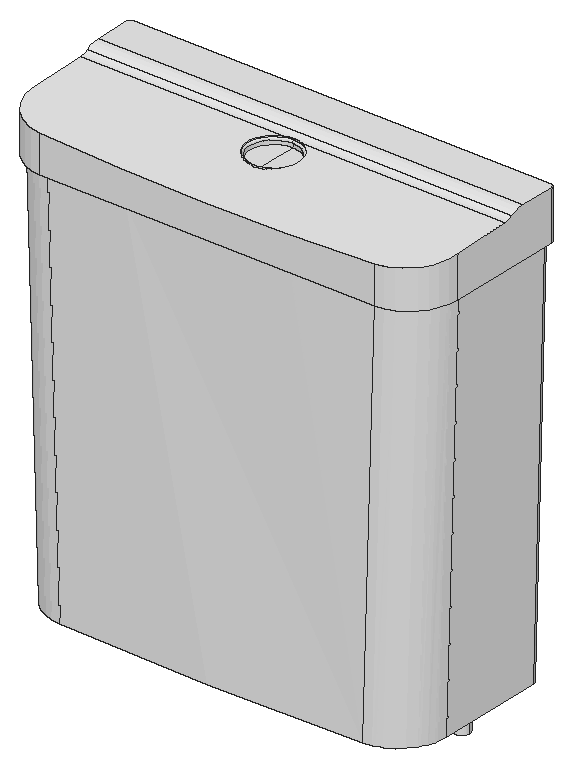
Revit family "PlumbingFixture_GroheLimited_BauCeramicExposedFlushingCistern_39436000_METRICa", category Plumbing Fixtures, Revit 2015
Parameters (values of type "39436000")
  _DistributedBy = "www.bimstore.co.uk"
  _CurrentRevision = 1
  _CreatedBy = "www.bimstore.co.uk"
  _BimSpecGuid = 0
  _BSBibleVersion = 14
  _AuthorizedBy = "Kris Atkinson"
  _Author = "Ian Holmes"
  Waste Connection = yes
  WarrantyStartDate [instance] = "Please Record On Commissioning."
  WarrantyGuarantorParts = "info-uk@grohe.com"
  WarrantyGuarantorLabor = "info-uk@grohe.com"
  WarrantyDurationUnit = "Years"
  WarrantyDurationParts = "n/a"
  WarrantyDurationLabor = "n/a"
  WarrantyDescription = "n/a"
  WFU = 0
  Vent Connection = no
  URL = "www.grohe.com"
  TypeName = "Bau Ceramic Exposed Flushing Cistern"
  Type Comments = "39436000"
  SpareParts = "n/a"
  Size = "n/a"
  Shape = "n/a"
  SerialNumber [instance] = "Please Record On Commissioning."
  ReplacementCost = "n/a"
  ReferencedStandard = "n/a"
  ProductionYear = "2017"
  ProductPageURL = "https://www.grohe.co.uk/en_gb/exposed-flushing-cistern-39436000.html"
  ProductDocumentationLink = "https://cdn.cloud.grohe.com/dimdraw/2000/2000/2090/2093/2093825/1500/2093825.jpg"
  PrimaryMaterial = Ceramic, White
  PercentageOfRecycledContent = "n/a"
  OffsetFromLevel [instance] = 772 mm
  NominalLength = 0 mm
  NominalHeight = 0 mm
  NominalDepth = 0 mm
  NBSReference = "45-35-70/383"
  NBSOfficeMasterTag = "n/a"
  NBSObjectName = "Grohe Limited -  WC cisterns"
  NBSNote = ""
  NBSDescription = "WC cisterns"
  ModelReference = "Bau Ceramic Exposed Flushing Cistern"
  ModelNumber = "39436000"
  Model = "Bau Ceramic Exposed Flushing Cistern"
  Material = "Ceramic"
  MasterformatTitle = "Sanitary Facilities"
  MasterformatNumber = "01 52 19"
  ManufacturerName = "Grohe Limited"
  Manufacturer = "Grohe Limited"
  LowEmittingMaterial = no
  LEEDCredit = "n/a"
  Keynote = "N13"
  InstallationDate [instance] = "Please Record On Commissioning."
  IndustryStandards = "n/a"
  IfcExportType = "IfcPipeFittingType"
  IfcExportAs = "IfcPipeFitting"
  HotWaterConnectionDiameter = 10 mm
  HWFU = 4.5
  HW Connection = no
  Grade = "n/a"
  Finish = "Ceramic"
  Features = "bottom inlet. inlet and outlet concealed. vitreous China. including flushing set."
  ExpectedLife = 0
  Ecojoy = no
  DurationUnit = "Years"
  DocumentationTechnical = "n/a"
  DocumentationMaintenance = "n/a"
  DocumentationLiterature = "n/a"
  DocumentationInstallationGuide = "n/a"
  DocumentationCertificates = "n/a"
  Description = "bottom inlet. inlet and outlet concealed. vitreous China. including flushing set."
  CreatedOn = "2017-07-01T09:00:00"
  CreatedBy = "info-uk@grohe.com"
  Cost = 0
  Constituents = "n/a"
  Color = "White"
  ColdWaterConnectionDiameter = 10 mm
  CodePerformance = "n/a"
  ClassificationValue = "Pr_40_20_93_89"
  ClassificationName = "Uniclass2015"
  CWFU = 4.5
  CW Connection = no
  BarCode [instance] = "Please Record On Commissioning."
  BIMObjectName = "PlumbingFixture_GroheLimited_BauCeramicExposedFlushingCistern_39436000_METRIC"
  AssetType = "Fixed"
  AssetIdentifier [instance] = "Please Record On Commissioning."
  Assembly Code = "D2010"
  AccessibilityPerformance = "n/a"
  ADACompliant = no
Reference planes
  plane 1 "Center (Front/Back)": y = 0
  plane 2: z = 0
  plane 3 "Center (Left/Right)": x = 0
  plane 4 "OffsetFromLevel": z = 772
Dimensions and locks
  "OffsetFromLevel": plane 4 "OffsetFromLevel" to level
  aligned and locked: level to plane 2
  aligned and locked: plane 1 "Center (Front/Back)" to nested 1
  aligned and locked: plane 3 "Center (Left/Right)" to nested 1
  aligned and locked: plane 4 "OffsetFromLevel" to nested 1
Nested families
  nested 1: "39436000" at (0, 0, 397.001), type "39436000"
Connectors
  piping at (128.222, -36.581, 362.001), diameter 12.7
    settings: on nested 1, index 1, connector inside diameter 609.6 mm, connector length 0 mm, flow factor 0, pipe flow 0.0 L/s, pressure drop 0.0 Pa, fitting loss kfactor 0, connector angle 0.00°, fixture units 0, engagement length 0 mm, angle of deflection 0.00°, flow configuration 0, flow direction 1, fitting loss method 0, system type 7, joint type 0, gender type 0, connector reference index -1, connector utility 0, adjustable connector no, is connector primary yes, connector description ""
Definition of nested family "39436000"
  Parameters (values of type "39436000")
    Waste Connection = yes
    WFU = 0
    Vent Connection = no
    URL = "www.grohe.com"
    Type Comments = "39436000"
    PrimaryMaterial = none
    Model = "Bau Ceramic Exposed Flushing Cistern"
    Manufacturer = "Grohe Limited"
    Keynote = "N13"
    HWFU = 4.5
    HW Connection = no
    Description = "bottom inlet. inlet and outlet concealed. vitreous China. including flushing set."
    Cost = 0
    CWFU = 4.5
    CW Connection = no
    Assembly Code = "D2010"
  Reference planes
    plane 1 "Center (Front/Back)": y = 0
    plane 2: z = 0
    plane 3 "Center (Left/Right)": x = 0
    plane 4: z = 166.95
    plane 5: x = 128.222
    plane 6: y = -73.181
    plane 7: y = -36.581
  Forms (mm)
    Extrusion 1, solid, material <- "PrimaryMaterial"
      sketch origin (0, 0, 0) x (0, 1, 0) y (0, 0, 1)
        loop
          arc (-53.149, 369.862) -> (-107.643, 368.134) -> (-161.942, 363.213) r 929.225
          line (-161.942, 363.213) -> (-161.942, 333.856) -> (9.375, 333.856) -> (9.375, 372.008)
          arc (9.375, 372.008) -> (8.499, 374.123) -> (6.385, 374.999) r 2.99
          line (6.385, 374.999) -> (-34.554, 374.999)
          arc (-34.554, 374.999) -> (-40.453, 374.2) -> (-45.927, 371.863) r 22.19
          arc (-45.927, 371.863) -> (-49.403, 370.376) -> (-53.149, 369.862) r 14.159
      from -190.557 to 196.729
    Extrusion 2, void
      sketch origin (0, 0, 0) x (1, 0, 0) y (0, 1, 0)
        loop
          arc (-174.568, -1.503) -> (-176.657, -2.399) -> (-177.518, -4.502) r 3
          line (-177.518, -4.502) -> (-177.518, -102.773)
          arc (-177.518, -102.773) -> (-166.69, -130.14) -> (-140.068, -142.691) r 40
          arc (-140.068, -142.691) -> (0.007, -147.151) -> (140.081, -142.646) r 2191.134
          arc (140.081, -142.646) -> (166.694, -130.091) -> (177.518, -102.728) r 40
          line (177.518, -102.728) -> (177.518, -4.339)
          arc (177.518, -4.339) -> (176.656, -2.235) -> (174.565, -1.34) r 3
          arc (174.565, -1.34) -> (-0.002, -0.001) -> (-174.568, -1.503) r 10729.368
        loop
          line (-223.977, 21.1) -> (-223.977, -173.9) -> (226.023, -173.9) -> (226.023, 21.1) -> (-223.977, 21.1)
      from 306.844 to 428.295
    Revolve 3, void
      sketch origin (0, 0, 0) x (0, 1, 0) y (0, 0, 1)
        loop
          line (-93.181, 367.181) -> (-93.181, 364.007) -> (-73.181, 364.007) -> (-73.181, 373.411) -> (-94.852, 373.411) -> (-94.852, 368.853)
          arc (-94.852, 368.853) -> (-93.671, 368.363) -> (-93.181, 367.181) r 1.671
        axis (-73.181, 373.411) -> (-73.181, 364.007)
      angle from 0 to 360
    SweptBlend 4, solid, material <- "PrimaryMaterial"
      path origin (0, 0, 333.9) x (1, 0, 0) y (0, 0, 1)
        loop
          line (0, 0) -> (0, -333.856)
      profile origin (0, 0, 333.9) x (0, -1, 0) y (1, 0, 0)
        loop
          arc (98.477, -175.027) -> (126.058, -163.997) -> (138.429, -136.99) r 40
          arc (138.429, -136.99) -> (141.793, 0) -> (138.429, 136.99) r 2791.014
          arc (138.429, 136.99) -> (126.058, 163.997) -> (98.477, 175.027) r 40
          line (98.477, 175.027) -> (8.19, 175.027)
          arc (8.19, 175.027) -> (6.086, 174.166) -> (5.19, 172.076) r 3
          arc (5.19, 172.076) -> (3.75, 0.002) -> (5.071, -172.074) r 10729.368
          arc (5.071, -172.074) -> (5.966, -174.165) -> (8.07, -175.027) r 3
          line (8.07, -175.027) -> (98.477, -175.027)
      end profile origin (0, 0, 0.044) x (0, -1, 0) y (1, 0, 0)
        loop
          arc (98.477, -165.027) -> (126.058, -153.997) -> (138.429, -126.99) r 40
          arc (138.429, -126.99) -> (141.547, 0) -> (138.429, 126.99) r 2587.276
          arc (138.429, 126.99) -> (126.058, 153.997) -> (98.477, 165.027) r 40
          line (98.477, 165.027) -> (7.88, 165.027)
          arc (7.88, 165.027) -> (5.775, 164.164) -> (4.881, 162.071) r 3
          arc (4.881, 162.071) -> (3.752, -0.002) -> (5.071, -162.074) r 10729.368
          arc (5.071, -162.074) -> (5.966, -164.165) -> (8.07, -165.027) r 3
          line (8.07, -165.027) -> (98.477, -165.027)
    Revolve 5, solid, material <- "PrimaryMaterial"
      sketch origin (20, -36.581, 1200) x (-1, 0, 0) y (0, 0, 1)
        loop
          line (-108.222, -1160) -> (-114.572, -1160) -> (-114.572, -1235) -> (-108.222, -1235) -> (-108.222, -1160)
        axis (-108.222, -1160) -> (-108.222, -1235)
      angle from 0 to 360
  Cuts and joins
    Extrusion 2, Revolve 3 cuts Extrusion 1
    joined: Extrusion 1, SweptBlend 4, Revolve 5
  Dimensions and locks
    aligned and locked: level to plane 2
